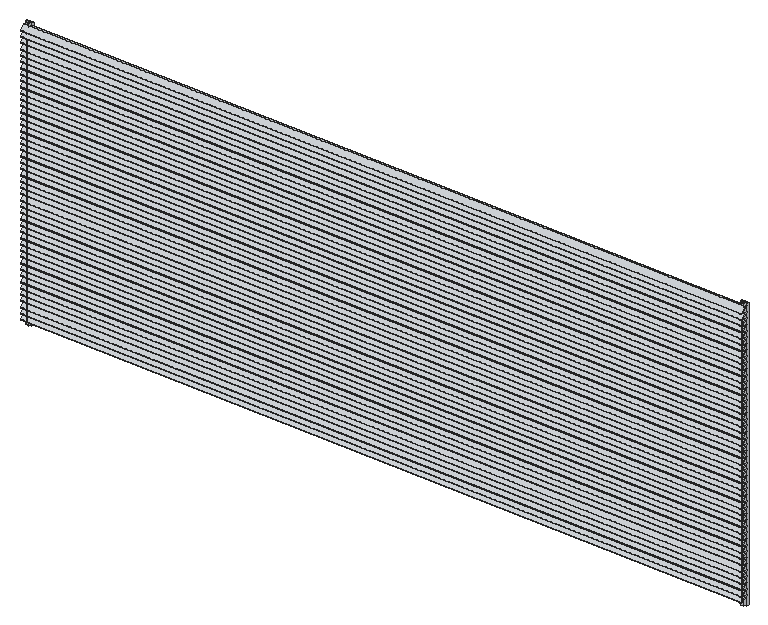
Revit family "EL-1-CO (42 Degree Blades)", category Mechanical Equipment, Revit 2015
Parameters
  URL = "http://unitedenertech.com/catalog/pdf/A_42%20EL-1-CO.pdf"
  Type Comments = "Max. Single Section Size is (120\"w x 84\"h)"
  Model = "EL-1-CO (42 Degree Blades)"
  Manufacturer = "United Enertech Corporation"
  Keynote = "Note: Blade Braces Set to Visibility Parameters, Correct Number Will Appear when Loaded into Project."
  Exact Width = 8' - 0"
  Exact Height = 3' - 0"
  Description = "PTAC Grille - Core Only"
  Brace Visibility [instance] = if(and(Exact Width > 1' 4", Exact Width < 2' 8"), 2 > 1, 1 > 2)  # no
  Brace Number [instance] = (Exact Width / 1' 4")  # 6
  Blade Spacing = 0' - 0 3/4"
  Blade Number [instance] = rounddown((Exact Height - 0' 0 1/4") / 0' 0 3/4")  # 47
  (7) Brace Visibility [instance] = if(Exact Width > 9' 4", 2 > 1, 1 > 2)  # no
  (6) Brace Visibility [instance] = if(and(Exact Width > 8' 0", Exact Width < 9' 4"), 2 > 1, 1 > 2)  # no
  (5) Brace Visibility [instance] = if(and(Exact Width > 6' 8", Exact Width < 8' 0"), 2 > 1, 1 > 2)  # no
  (4) Brace Visibility [instance] = if(and(Exact Width > 5' 4", Exact Width < 6' 8"), 2 > 1, 1 > 2)  # no
  (3) Brace Visibility [instance] = if(and(Exact Width > 4' 0", Exact Width < 5' 4"), 2 > 1, 1 > 2)  # no
  (2) Brace Visibility [instance] = if(and(Exact Width > 2' 8", Exact Width < 4' 0"), 2 > 1, 1 > 2)  # no
Reference planes (in)
  plane 1 "Center (Front/Back)": y = 0
  plane 2: z = 0
  plane 3 "Center (Left/Right)": x = 0
  plane 4: x = -48
  plane 5: x = 48
  plane 6: z = 36
  plane 7: x = -47.56125
  plane 8: y = -0.453
  plane 9: y = -0.237
  plane 10: z = 35.75
Forms (in)
  Extrusion 1, solid
    sketch origin (-19.86073, 2.05132, 0) x (-1, 0, 0) y (0, -1, 0)
      loop
        line (27.34627, 2.21832) -> (27.49802, 2.05132) -> (27.90302, 2.05132) -> (28.05477, 2.21832) -> (27.93977, 2.21832) -> (27.93977, 2.1602) -> (27.88089, 2.10132) -> (27.52014, 2.10132) -> (27.46127, 2.1602) -> (27.46127, 2.21832) -> (27.34627, 2.21832)
    from 0 to 36
  Extrusion 2, solid
    sketch origin (19.83799, 2.48299, 0) x (1, 0, 0) y (0, 1, 0)
      loop
        line (27.28451, -2.49199) -> (27.28451, -2.71999) -> (27.46701, -2.71999) -> (27.50226, -2.93599) -> (27.94426, -2.93599) -> (27.97951, -2.71999) -> (28.16201, -2.71999) -> (28.16201, -2.49199) -> (28.09201, -2.49199) -> (28.02544, -2.57592) -> (28.09006, -2.64999) -> (27.92001, -2.64999) -> (27.88476, -2.86599) -> (27.56177, -2.86599) -> (27.52652, -2.64999) -> (27.35646, -2.64999) -> (27.41876, -2.57299) -> (27.35451, -2.49199) -> (27.28451, -2.49199)
    from 0 to 36
  Extrusion 3, solid
    sketch origin (19.86073, 2.05132, 0) x (1, 0, 0) y (0, 1, 0)
      loop
        line (27.34627, -2.21832) -> (27.46127, -2.21832) -> (27.46127, -2.1602) -> (27.52014, -2.10132) -> (27.88089, -2.10132) -> (27.93977, -2.1602) -> (27.93977, -2.21832) -> (28.05477, -2.21832) -> (27.90302, -2.05132) -> (27.49802, -2.05132) -> (27.34627, -2.21832)
    from 0 to 36
  Extrusion 4, solid
    sketch origin (-19.83799, 2.48299, 0) x (-1, 0, 0) y (0, -1, 0)
      loop
        line (27.28451, 2.49199) -> (27.35451, 2.49199) -> (27.41876, 2.57299) -> (27.35646, 2.64999) -> (27.52652, 2.64999) -> (27.56177, 2.86599) -> (27.88476, 2.86599) -> (27.92001, 2.64999) -> (28.09006, 2.64999) -> (28.02544, 2.57592) -> (28.09201, 2.49199) -> (28.16201, 2.49199) -> (28.16201, 2.71999) -> (27.97951, 2.71999) -> (27.94426, 2.93599) -> (27.50226, 2.93599) -> (27.46701, 2.71999) -> (27.28451, 2.71999) -> (27.28451, 2.49199)
    from 0 to 36
Dimensions and locks (in)
  equal spacing: plane 4, plane 3 "Center (Left/Right)", plane 5
  "Exact Width": plane 4 to plane 5
  "Exact Height": plane 6 to level
  locked: plane 4 to plane 7 at 0.43875
  locked: plane 6 to plane 10 at 0.25
  equal spacing: group 1, group 2, group 3, group 4, group 5, group 6, group 7, group 8, group 9, group 10, group 11, group 12, group 13, group 14, group 15, group 16, group 17, group 18, group 19, group 20, group 21, group 22, group 23, group 24, group 25, group 26, group 27, group 28, group 29, group 30, group 31, group 32, group 33, group 34, group 35, group 36, group 37, group 38, group 39, group 40, group 41, group 42, group 43, group 44, group 45, group 46, group 47  (x2)
  equal spacing: group 47, group 46, group 45, group 44, group 43, group 42, group 41, group 40, group 39, group 38, group 37, group 36, group 35, group 34, group 33, group 32, group 31, group 30, group 29, group 28, group 27, group 26, group 25, group 24, group 23, group 22, group 21, group 20, group 19, group 18, group 17, group 16, group 15, group 14, group 13, group 12, group 11, group 10, group 9, group 8, group 7, group 6, group 5, group 4, group 3, group 2, group 1
  "Blade Spacing": nested 30 to nested 29
  aligned and locked: level to plane 2
  aligned and locked: plane 6 to Extrusion 2
  aligned and locked: plane 6 to Extrusion 3
  aligned and locked: plane 6 to Extrusion 1
  aligned and locked: plane 3 "Center (Left/Right)" to nested 1
  aligned and locked: nested 1 to plane 8
  aligned and locked: plane 6 to Extrusion 4
  aligned and locked: plane 3 "Center (Left/Right)" to nested 29
  aligned and locked: plane 10 to nested 29
  aligned and locked: plane 9 to nested 29
  aligned and locked: nested 30 to nested 29
Automatic sketch dimensions
  plane 1 "Center (Front/Back)" to Extrusion 1 sketch curve = 0' - 0"
  plane 9 to Extrusion 1 sketch curve = 0' - 0.07"  (x2)
  Extrusion 1 sketch curve to plane 7 = 0' - 0.35425"
  Extrusion 1 sketch curve to Extrusion 1 sketch curve = 0' - 0.115"
  Extrusion 1 sketch curve to Extrusion 1 sketch curve = 0' - 0.03675"
  Extrusion 1 sketch curve to Extrusion 1 sketch curve = 0' - 0.02213"  (x2)
  plane 1 "Center (Front/Back)" to Extrusion 1 sketch curve = 0' - 0.05"
  plane 7 to Extrusion 1 sketch curve = 0' - 0.18037"
  Extrusion 1 sketch curve to Extrusion 1 sketch curve = 0' - 0.05888"  (x2)
  Extrusion 1 sketch curve to plane 4 = 0' - 0.0845"
  Extrusion 1 sketch curve to Extrusion 1 sketch curve = 0' - 0.05812"
  plane 9 to Extrusion 2 sketch curve = 0' - 0"  (x2)
  Extrusion 2 sketch curve to plane 8 = 0' - 0"
  Extrusion 2 sketch curve to plane 5 = 0' - 0"
  Extrusion 2 sketch curve to plane 1 "Center (Front/Back)" = 0' - 0.009"  (x2)
  Extrusion 2 sketch curve to Extrusion 2 sketch curve = 0' - 0.07"
  plane 5 to Extrusion 2 sketch curve = 0' - 0.07195"
  Extrusion 2 sketch curve to Extrusion 2 sketch curve = 0' - 0.06462"
  Extrusion 2 sketch curve to Extrusion 2 sketch curve = 0' - 0.11055"
  plane 5 to Extrusion 2 sketch curve = 0' - 0.21775"
  Extrusion 2 sketch curve to Extrusion 2 sketch curve = 0' - 0.0595"  (x4)
  Extrusion 2 sketch curve to plane 8 = 0' - 0.07"
  Extrusion 2 sketch curve to Extrusion 2 sketch curve = 0' - 0.323"
  Extrusion 2 sketch curve to plane 9 = 0' - 0.07"  (x2)
  Extrusion 2 sketch curve to Extrusion 2 sketch curve = 0' - 0.03525"
  Extrusion 2 sketch curve to plane 1 "Center (Front/Back)" = 0' - 0.09"
  Extrusion 2 sketch curve to Extrusion 2 sketch curve = 0' - 0.10775"
  Extrusion 2 sketch curve to Extrusion 2 sketch curve = 0' - 0.0623"
  Extrusion 2 sketch curve to Extrusion 2 sketch curve = 0' - 0.06425"
  Extrusion 2 sketch curve to Extrusion 2 sketch curve = 0' - 0.07195"
  Extrusion 2 sketch curve to plane 1 "Center (Front/Back)" = 0' - 0.09293"
  plane 1 "Center (Front/Back)" to Extrusion 3 sketch curve = 0' - 0"
  Extrusion 3 sketch curve to plane 9 = 0' - 0.07"  (x2)
  plane 5 to Extrusion 3 sketch curve = 0' - 0.793"
  Extrusion 3 sketch curve to Extrusion 3 sketch curve = 0' - 0.115"
  Extrusion 3 sketch curve to Extrusion 3 sketch curve = 0' - 0.03675"
  Extrusion 3 sketch curve to Extrusion 3 sketch curve = 0' - 0.02213"  (x2)
  Extrusion 3 sketch curve to plane 1 "Center (Front/Back)" = 0' - 0.05"
  plane 5 to Extrusion 3 sketch curve = 0' - 0.25838"
  Extrusion 3 sketch curve to Extrusion 3 sketch curve = 0' - 0.05888"  (x2)
  plane 5 to Extrusion 3 sketch curve = 0' - 0.0845"
  Extrusion 3 sketch curve to Extrusion 3 sketch curve = 0' - 0.05812"
  Extrusion 4 sketch curve to plane 9 = 0' - 0"  (x2)
  Extrusion 4 sketch curve to plane 8 = 0' - 0"
  Extrusion 4 sketch curve to plane 4 = 0' - 0"
  plane 1 "Center (Front/Back)" to Extrusion 4 sketch curve = 0' - 0.009"  (x2)
  Extrusion 4 sketch curve to plane 4 = 0' - 0.07"
  Extrusion 4 sketch curve to plane 4 = 0' - 0.07195"
  Extrusion 4 sketch curve to Extrusion 4 sketch curve = 0' - 0.06462"
  Extrusion 4 sketch curve to Extrusion 4 sketch curve = 0' - 0.11055"
  Extrusion 4 sketch curve to plane 4 = 0' - 0.21775"
  Extrusion 4 sketch curve to Extrusion 4 sketch curve = 0' - 0.0595"  (x4)
  plane 8 to Extrusion 4 sketch curve = 0' - 0.07"
  Extrusion 4 sketch curve to plane 7 = 0' - 0.1615"
  plane 9 to Extrusion 4 sketch curve = 0' - 0.07"  (x2)
  Extrusion 4 sketch curve to plane 7 = 0' - 0.19675"
  plane 1 "Center (Front/Back)" to Extrusion 4 sketch curve = 0' - 0.09"
  Extrusion 4 sketch curve to Extrusion 4 sketch curve = 0' - 0.10775"
  Extrusion 4 sketch curve to Extrusion 4 sketch curve = 0' - 0.0623"
  Extrusion 4 sketch curve to Extrusion 4 sketch curve = 0' - 0.06425"
  Extrusion 4 sketch curve to Extrusion 4 sketch curve = 0' - 0.07195"
  plane 1 "Center (Front/Back)" to Extrusion 4 sketch curve = 0' - 0.09293"
Nested families (in)
  nested 1: "EL BRACE" at (0, -0.453, 0), visible <- "Brace Visibility", type "EL BRACE"
    with Height 3' - 0"
  nested 2: "EL BRACE" at (8, -0.453, 0), visible <- "(2) Brace Visibility", type "EL BRACE"
    with Height 3' - 0"
  nested 3: "EL BRACE" at (-8, -0.453, 0), visible <- "(2) Brace Visibility", type "EL BRACE"
    with Height 3' - 0"
  nested 4: "EL BRACE" at (0, -0.453, 0), visible <- "(3) Brace Visibility", type "EL BRACE"
    with Height 3' - 0"
  nested 5: "EL BRACE" at (16, -0.453, 0), visible <- "(3) Brace Visibility", type "EL BRACE"
    with Height 3' - 0"
  nested 6: "EL BRACE" at (-16, -0.453, 0), visible <- "(3) Brace Visibility", type "EL BRACE"
    with Height 3' - 0"
  nested 7: "EL BRACE" at (-8, -0.453, 0), visible <- "(4) Brace Visibility", type "EL BRACE"
    with Height 3' - 0"
  nested 8: "EL BRACE" at (8, -0.453, 0), visible <- "(4) Brace Visibility", type "EL BRACE"
    with Height 3' - 0"
  nested 9: "EL BRACE" at (-24, -0.453, 0), visible <- "(4) Brace Visibility", type "EL BRACE"
    with Height 3' - 0"
  nested 10: "EL BRACE" at (24, -0.453, 0), visible <- "(4) Brace Visibility", type "EL BRACE"
    with Height 3' - 0"
  nested 11: "EL BRACE" at (0, -0.453, 0), visible <- "(5) Brace Visibility", type "EL BRACE"
    with Height 3' - 0"
  nested 12: "EL BRACE" at (-16, -0.453, 0), visible <- "(5) Brace Visibility", type "EL BRACE"
    with Height 3' - 0"
  nested 13: "EL BRACE" at (16, -0.453, 0), visible <- "(5) Brace Visibility", type "EL BRACE"
    with Height 3' - 0"
  nested 14: "EL BRACE" at (32, -0.453, 0), visible <- "(5) Brace Visibility", type "EL BRACE"
    with Height 3' - 0"
  nested 15: "EL BRACE" at (-32, -0.453, 0), visible <- "(5) Brace Visibility", type "EL BRACE"
    with Height 3' - 0"
  nested 16: "EL BRACE" at (-8, -0.453, 0), visible <- "(6) Brace Visibility", type "EL BRACE"
    with Height 3' - 0"
  nested 17: "EL BRACE" at (8, -0.453, 0), visible <- "(6) Brace Visibility", type "EL BRACE"
    with Height 3' - 0"
  nested 18: "EL BRACE" at (-24, -0.453, 0), visible <- "(6) Brace Visibility", type "EL BRACE"
    with Height 3' - 0"
  nested 19: "EL BRACE" at (24, -0.453, 0), visible <- "(6) Brace Visibility", type "EL BRACE"
    with Height 3' - 0"
  nested 20: "EL BRACE" at (40, -0.453, 0), visible <- "(6) Brace Visibility", type "EL BRACE"
    with Height 3' - 0"
  nested 21: "EL BRACE" at (-40, -0.453, 0), visible <- "(6) Brace Visibility", type "EL BRACE"
    with Height 3' - 0"
  nested 22: "EL BRACE" at (0, -0.453, 0), visible <- "(7) Brace Visibility", type "EL BRACE"
    with Height 3' - 0"
  nested 23: "EL BRACE" at (16, -0.453, 0), visible <- "(7) Brace Visibility", type "EL BRACE"
    with Height 3' - 0"
  nested 24: "EL BRACE" at (-16, -0.453, 0), visible <- "(7) Brace Visibility", type "EL BRACE"
    with Height 3' - 0"
  nested 25: "EL BRACE" at (-32, -0.453, 0), visible <- "(7) Brace Visibility", type "EL BRACE"
    with Height 3' - 0"
  nested 26: "EL BRACE" at (-48, -0.453, 0), visible <- "(7) Brace Visibility", type "EL BRACE"
    with Height 3' - 0"
  nested 27: "EL BRACE" at (32, -0.453, 0), visible <- "(7) Brace Visibility", type "EL BRACE"
    with Height 3' - 0"
  nested 28: "EL BRACE" at (48, -0.453, 0), visible <- "(7) Brace Visibility", type "EL BRACE"
    with Height 3' - 0"
  nested 29: "EL 42 Deg" at (0, -1.48141, 29.45304), type "EL 42 Deg"
    with Blade 42 Width 8' - 0"
  nested 30: "EL 42 Deg" at (0, -1.48141, 28.70304), type "EL 42 Deg"
    with Blade 42 Width 8' - 0"
  nested 31: "EL 42 Deg" at (0, -1.48141, 27.95304), type "EL 42 Deg"
    with Blade 42 Width 8' - 0"
  nested 32: "EL 42 Deg" at (0, -1.48141, 27.20304), type "EL 42 Deg"
    with Blade 42 Width 8' - 0"
  nested 33: "EL 42 Deg" at (0, -1.48141, 26.45304), type "EL 42 Deg"
    with Blade 42 Width 8' - 0"
  nested 34: "EL 42 Deg" at (0, -1.48141, 25.70304), type "EL 42 Deg"
    with Blade 42 Width 8' - 0"
  nested 35: "EL 42 Deg" at (0, -1.48141, 24.95304), type "EL 42 Deg"
    with Blade 42 Width 8' - 0"
  nested 36: "EL 42 Deg" at (0, -1.48141, 24.20304), type "EL 42 Deg"
    with Blade 42 Width 8' - 0"
  nested 37: "EL 42 Deg" at (0, -1.48141, 23.45304), type "EL 42 Deg"
    with Blade 42 Width 8' - 0"
  nested 38: "EL 42 Deg" at (0, -1.48141, 22.70304), type "EL 42 Deg"
    with Blade 42 Width 8' - 0"
  nested 39: "EL 42 Deg" at (0, -1.48141, 21.95304), type "EL 42 Deg"
    with Blade 42 Width 8' - 0"
  nested 40: "EL 42 Deg" at (0, -1.48141, 21.20304), type "EL 42 Deg"
    with Blade 42 Width 8' - 0"
  nested 41: "EL 42 Deg" at (0, -1.48141, 20.45304), type "EL 42 Deg"
    with Blade 42 Width 8' - 0"
  nested 42: "EL 42 Deg" at (0, -1.48141, 19.70304), type "EL 42 Deg"
    with Blade 42 Width 8' - 0"
  nested 43: "EL 42 Deg" at (0, -1.48141, 18.95304), type "EL 42 Deg"
    with Blade 42 Width 8' - 0"
  nested 44: "EL 42 Deg" at (0, -1.48141, 18.20304), type "EL 42 Deg"
    with Blade 42 Width 8' - 0"
  nested 45: "EL 42 Deg" at (0, -1.48141, 17.45304), type "EL 42 Deg"
    with Blade 42 Width 8' - 0"
  nested 46: "EL 42 Deg" at (0, -1.48141, 16.70304), type "EL 42 Deg"
    with Blade 42 Width 8' - 0"
  nested 47: "EL 42 Deg" at (0, -1.48141, 15.95304), type "EL 42 Deg"
    with Blade 42 Width 8' - 0"
  nested 48: "EL 42 Deg" at (0, -1.48141, 15.20304), type "EL 42 Deg"
    with Blade 42 Width 8' - 0"
  nested 49: "EL 42 Deg" at (0, -1.48141, 14.45304), type "EL 42 Deg"
    with Blade 42 Width 8' - 0"
  nested 50: "EL 42 Deg" at (0, -1.48141, 13.70304), type "EL 42 Deg"
    with Blade 42 Width 8' - 0"
  nested 51: "EL 42 Deg" at (0, -1.48141, 12.95304), type "EL 42 Deg"
    with Blade 42 Width 8' - 0"
  nested 52: "EL 42 Deg" at (0, -1.48141, 12.20304), type "EL 42 Deg"
    with Blade 42 Width 8' - 0"
  nested 53: "EL 42 Deg" at (0, -1.48141, 11.45304), type "EL 42 Deg"
    with Blade 42 Width 8' - 0"
  nested 54: "EL 42 Deg" at (0, -1.48141, 10.70304), type "EL 42 Deg"
    with Blade 42 Width 8' - 0"
  nested 55: "EL 42 Deg" at (0, -1.48141, 9.95304), type "EL 42 Deg"
    with Blade 42 Width 8' - 0"
  nested 56: "EL 42 Deg" at (0, -1.48141, 9.20304), type "EL 42 Deg"
    with Blade 42 Width 8' - 0"
  nested 57: "EL 42 Deg" at (0, -1.48141, 8.45304), type "EL 42 Deg"
    with Blade 42 Width 8' - 0"
  nested 58: "EL 42 Deg" at (0, -1.48141, 7.70304), type "EL 42 Deg"
    with Blade 42 Width 8' - 0"
  nested 59: "EL 42 Deg" at (0, -1.48141, 6.95304), type "EL 42 Deg"
    with Blade 42 Width 8' - 0"
  nested 60: "EL 42 Deg" at (0, -1.48141, 6.20304), type "EL 42 Deg"
    with Blade 42 Width 8' - 0"
  nested 61: "EL 42 Deg" at (0, -1.48141, 5.45304), type "EL 42 Deg"
    with Blade 42 Width 8' - 0"
  nested 62: "EL 42 Deg" at (0, -1.48141, 4.70304), type "EL 42 Deg"
    with Blade 42 Width 8' - 0"
  nested 63: "EL 42 Deg" at (0, -1.48141, 3.95304), type "EL 42 Deg"
    with Blade 42 Width 8' - 0"
  nested 64: "EL 42 Deg" at (0, -1.48141, 3.20304), type "EL 42 Deg"
    with Blade 42 Width 8' - 0"
  nested 65: "EL 42 Deg" at (0, -1.48141, 2.45304), type "EL 42 Deg"
    with Blade 42 Width 8' - 0"
  nested 66: "EL 42 Deg" at (0, -1.48141, 1.70304), type "EL 42 Deg"
    with Blade 42 Width 8' - 0"
  nested 67: "EL 42 Deg" at (0, -1.48141, 0.95304), type "EL 42 Deg"
    with Blade 42 Width 8' - 0"
  nested 68: "EL 42 Deg" at (0, -1.48141, 0.20304), type "EL 42 Deg"
    with Blade 42 Width 8' - 0"
  nested 69: "EL 42 Deg" at (0, -1.48141, -0.54696), type "EL 42 Deg"
    with Blade 42 Width 8' - 0"
  nested 70: "EL 42 Deg" at (0, -1.48141, -1.29696), type "EL 42 Deg"
    with Blade 42 Width 8' - 0"
  nested 71: "EL 42 Deg" at (0, -1.48141, -2.04696), type "EL 42 Deg"
    with Blade 42 Width 8' - 0"
  nested 72: "EL 42 Deg" at (0, -1.48141, -2.79696), type "EL 42 Deg"
    with Blade 42 Width 8' - 0"
  nested 73: "EL 42 Deg" at (0, -1.48141, -3.54696), type "EL 42 Deg"
    with Blade 42 Width 8' - 0"
  nested 74: "EL 42 Deg" at (0, -1.48141, -4.29696), type "EL 42 Deg"
    with Blade 42 Width 8' - 0"
  nested 75: "EL 42 Deg" at (0, -1.48141, -5.04696), type "EL 42 Deg"
    with Blade 42 Width 8' - 0"
Definition of nested family "EL BRACE"
  Parameters (values of type "EL BRACE")
    Height = 1' - 5.56492"
  Reference planes (in)
    plane 1 "Center (Front/Back)": y = 0
    plane 2: z = 0
    plane 3 "Center (Left/Right)": x = 0
    plane 4: z = 17.56492
  Forms (in)
    Extrusion 1, solid
      sketch origin (6.72326, 2.93599, 0) x (-1, 0, 0) y (0, -1, 0)
        loop
          line (6.28451, 2.49199) -> (6.35451, 2.49199) -> (6.41876, 2.57299) -> (6.35646, 2.64999) -> (6.52652, 2.64999) -> (6.56177, 2.86599) -> (6.88476, 2.86599) -> (6.92001, 2.64999) -> (7.09006, 2.64999) -> (7.02544, 2.57592) -> (7.09201, 2.49199) -> (7.16201, 2.49199) -> (7.16201, 2.71999) -> (6.97951, 2.71999) -> (6.94426, 2.93599) -> (6.50226, 2.93599) -> (6.46701, 2.71999) -> (6.28451, 2.71999) -> (6.28451, 2.49199)
      from 0 to 17.56492
  Dimensions and locks (in)
    "Height": plane 4 to level
    aligned and locked: level to plane 2
    aligned and locked: plane 4 to Extrusion 1
  Automatic sketch dimensions
    plane 1 "Center (Front/Back)" to Extrusion 1 sketch curve = 0' - 0"
    Extrusion 1 sketch curve to plane 1 "Center (Front/Back)" = 0' - 0.216"
    plane 3 "Center (Left/Right)" to Extrusion 1 sketch curve = 0' - 0.43875"
    Extrusion 1 sketch curve to Extrusion 1 sketch curve = 0' - 0.07"  (x4)
    Extrusion 1 sketch curve to Extrusion 1 sketch curve = 0' - 0.07195"
    Extrusion 1 sketch curve to Extrusion 1 sketch curve = 0' - 0.0623"
    Extrusion 1 sketch curve to Extrusion 1 sketch curve = 0' - 0.11055"
    Extrusion 1 sketch curve to Extrusion 1 sketch curve = 0' - 0.03525"
    Extrusion 1 sketch curve to Extrusion 1 sketch curve = 0' - 0.0595"  (x4)
    Extrusion 1 sketch curve to plane 1 "Center (Front/Back)" = 0' - 0.07"
    Extrusion 1 sketch curve to plane 3 "Center (Left/Right)" = 0' - 0.1615"
    Extrusion 1 sketch curve to plane 3 "Center (Left/Right)" = 0' - 0.19675"
    Extrusion 1 sketch curve to Extrusion 1 sketch curve = 0' - 0.10543"
    Extrusion 1 sketch curve to Extrusion 1 sketch curve = 0' - 0.06462"
    Extrusion 1 sketch curve to Extrusion 1 sketch curve = 0' - 0.06657"
    Extrusion 1 sketch curve to plane 1 "Center (Front/Back)" = 0' - 0.286"
    Extrusion 1 sketch curve to Extrusion 1 sketch curve = 0' - 0.07407"
    Extrusion 1 sketch curve to Extrusion 1 sketch curve = 0' - 0.077"
    Extrusion 1 sketch curve to Extrusion 1 sketch curve = 0' - 0.08393"
    Extrusion 1 sketch curve to Extrusion 1 sketch curve = 0' - 0.081"
Definition of nested family "EL 42 Deg"
  Parameters (values of type "EL 42 Deg")
    Blade 42 Width = 3' - 0"
  Reference planes (in)
    plane 1 "Center (Front/Back)": y = 0
    plane 2: z = 0
    plane 3 "Center (Left/Right)": x = 0
    plane 4: x = -18
    plane 5: x = 18
  Forms (in)
    Extrusion 1, solid
      sketch origin (0.81089, -5.98838, 5.17749) x (0, 1, 0) y (0, 0, 1)
        loop
          line (6.43583, 0.52555) -> (7.0177, 1.04947) -> (7.23279, 1.04947) -> (7.23279, 1.11947) -> (6.99083, 1.11947) -> (6.38899, 0.57757) -> (6.43583, 0.52555)
      from -18.81089 to 17.18911
  Dimensions and locks (in)
    equal spacing: plane 4, plane 3 "Center (Left/Right)", plane 5
    "Blade 42 Width": plane 4 to plane 5
    aligned and locked: level to plane 2
    aligned and locked: plane 5 to Extrusion 1
    aligned and locked: plane 4 to Extrusion 1
  Automatic sketch dimensions
    Extrusion 1 sketch curve to plane 1 "Center (Front/Back)" = 0' - 0.4006"
    Extrusion 1 sketch curve to Extrusion 1 sketch curve = 0' - 0.04684"
    Extrusion 1 sketch curve to Extrusion 1 sketch curve = 0' - 0.60184"
    Extrusion 1 sketch curve to Extrusion 1 sketch curve = 0' - 0.02687"
    Extrusion 1 sketch curve to Extrusion 1 sketch curve = 0' - 0.21509"
    level to Extrusion 1 sketch curve = 0' - 5.70304"
    Extrusion 1 sketch curve to Extrusion 1 sketch curve = 0' - 0.05202"
